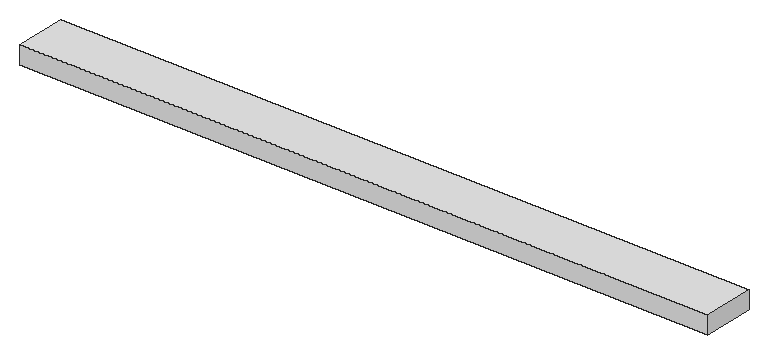
Revit family "Versatex_Generic Model_6-4” x 4” TRIMBOARD", category Generic Models, host Face, Revit 2022
Family settings
  Host = Face
  Can host rebar = No
  Round Connector Dimension = Use Diameter
  Part Type = Normal
  Cut with Voids When Loaded = No
  Maintain Annotation Orientation = No
  Shared = No
  Room Calculation Point = No
Parameters
  Model = "TBSM/TR640418"
  Length = 4' - 0"
  Warranty = "https://versatex.com/warranty/"
  URL = "https://versatex.com/"
  Specification = "https://www.arcat.com/company/versatex-45716/spec?coid=45716"
  Sales Information = "https://versatex.com/dealer-locator/"
  Message Manufacturer = "https://versatex.com/contact/"
  Material = Versatex PVC - Smooth
  Manufacturer Website = "https://versatex.com/"
  Manufacturer Phone = "724-857-1111"
  Manufacturer Fax = "724-857-1171"
  Manufacturer Address = "400 Steel Street, Aliquippa, PA 15001"
  Manufacturer = "Versatex"
  Literature = "https://versatex.com/literature/?_sft_literature_category=cads"
  Description = "NOMINAL 6/4” x 4” TRIMBOARD"
  Default Elevation = 4' - 0"
  Copyright = "© 2024 VERSATEX Building Products, LLC"
Reference planes (in)
  plane 1 "Center (Front/Back)": y = 0
  plane 2: z = 0
  plane 3 "Center (Left/Right)": x = 0
  plane 4: x = 24
  plane 5: x = -24
Forms (in)
  Sweep 1, solid, material "Versatex PVC - Smooth" <- "Material"
    path origin (0, 0, 0) x (1, 0, 0) y (0, 1, 0)
      loop
        line (-24, 0) -> (24, 0)
    profile "Versatex_Profile_6-4” x 4” TRIMBOARD : Versatex_Profile_6-4” x 4” TRIMBOARD" origin (0, 0, 0) x (0, 1, 0) y (0, 0, 1)
      loop
        line (0, 0) -> (3.5, 0) -> (3.5, 1.25) -> (0, 1.25) -> (0, 0)
Dimensions and locks (in)
  "Length": plane 5 to plane 4
  equal spacing: plane 5, plane 3 "Center (Left/Right)", plane 4, locked at 24 each
  aligned and locked: plane 2 to host face
  aligned and locked: level to host face
Automatic sketch dimensions
  host sketch curve to host sketch curve = 8' - 0"  (x2)
  plane 1 "Center (Front/Back)" to Sweep 1 sketch curve = 0' - 0"
  Sweep 1 sketch curve to plane 5 = 0' - 0"
  Sweep 1 sketch curve to plane 4 = 0' - 0"
